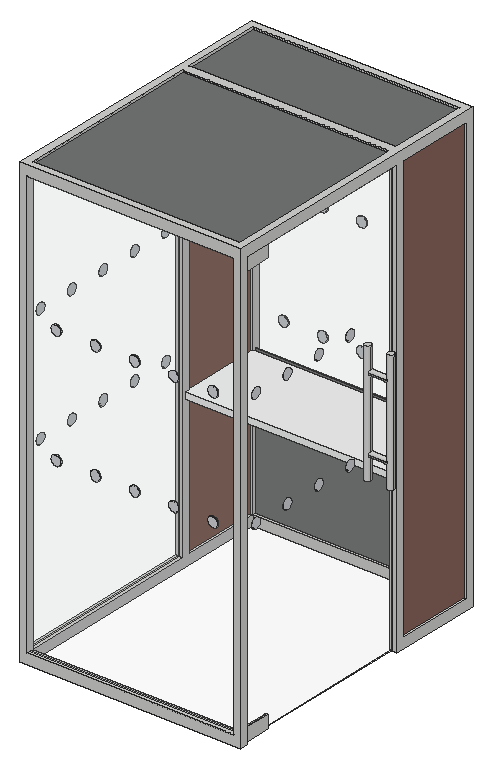
Revit family "BDG_BossDesign_Qube Solo", category Furniture, Revit 2018
Family settings
  Work Plane-Based = No
  Always vertical = Yes
  Cut with Voids When Loaded = No
  Shared = Yes
  Room Calculation Point = No
Parameters (values of type "Qube Solo")
  Version = "1"
  UpholsteredPanelMaterial [instance] = BDG_Camira_Fabric_Lucia-TortugaYB168
  URL = "www.bossdesign.com"
  Table Material [instance] = BDG_Table Top - White Laminate
  Size = "1100 x 1440 x 2225mm"
  Shape = "Rectangular"
  ProductInformation = "https://www.bossdesign.com/product-list/solo-qube/"
  Nominal Width = 1100 mm
  Nominal Height = 2225 mm
  Nominal Depth = 1440 mm
  Name = "PanelPartitions_QubeSolo_BossDesign"
  ModelReference = "Qube Solo"
  ModelNumber = "QSolo"
  Model = ModelNumber  # "QSolo"
  Material = "Glass"
  ManufacturerURL = "www.bossdesign.com"
  ManufacturerName = "Boss Design"  # constant formula
  Manufacturer = "sales@bossdesign.com"
  Keynote = ""
  Grade = "n/a"
  FrameMaterial [instance] = BDG_Generic_Metal_PowderCoat_White
  Finish = "Manifestations on Glass"
  Features = "Powder coated frame available"
  Description = ModelReference  # "Qube Solo"
  ContactTelephoneNumber = "+44 (0) 1384 455570"  # constant formula
  BIMObjectName = "BDG_BossDesign_QubeSolo"
  Author = "Arc10"  # constant formula
  Assembly Code = ""
  AcousticCeilingMaterial [instance] = BDG_Camira_Fabric_Nexus_PewterUNY01
Reference planes
  plane 1 "Back": y = -0.5
  plane 2: z = 0
  plane 3 "Center (Left/Right)": x = 0
  plane 4 "ll": z = 0
  plane 5 "a": z = 50
  plane 6: x = -550
  plane 7: x = 550
  plane 8: x = -515
  plane 9: x = 515
  plane 10: y = -1440.5
  plane 11: y = -1405.5
  plane 12: y = -35.5
  plane 13: y = -435.5
  plane 14: y = -470.5
  plane 15: z = 2225
  plane 16: z = 2175
  plane 17: y = -235.5
  plane 18: x = 535.5
  plane 19: x = 529.5
  plane 20: x = -529.5
  plane 21: x = -535.5
  plane 22: z = 2185
  plane 23: z = 2215
  plane 24: y = -1426
  plane 25: y = -1420
  plane 26: z = 785
  plane 27: z = 755
  plane 28: y = -21
  plane 29: y = -15
  plane 30 "y": z = 925
  plane 31: x = -536.5
  plane 32 "z": z = 1505
  plane 33: y = -14
  plane 34: y = -1396.5
  plane 35: y = -479.5
  plane 36 "aa": z = 9
  plane 37 "bb": z = 3
  plane 38: y = -1260.5
  plane 39 "cc": z = 68
  plane 40: x = 538.5
  plane 41: x = 526.5
  plane 42 "dd": z = 2101
  plane 43 "ee": z = 2166
  plane 44: y = -558
  plane 45: z = 1385
  plane 46: x = 590
  plane 47: x = 475
Forms (mm)
  Extrusion 1, solid, material "BDG_Generic_Metal_PowderCoat_White" <- "FrameMaterial"
    sketch origin (0, -17.75, 50) x (1, 0, 0) y (0, 1, 0)
      loop
        line (-550, -1422.75) -> (-515, -1422.75) -> (-515, -1387.75) -> (-550, -1387.75) -> (-550, -1422.75)
    from 0 to 2125
  Extrusion 2, solid, material "BDG_Generic_Metal_PowderCoat_White" <- "FrameMaterial"
    sketch origin (0, -35.5, 0) x (0, 1, 0) y (0, 0, 1)
      loop
        line (-0.5, 50) -> (-0.5, 0) -> (35, 0) -> (35, 50) -> (-0.5, 50)
    from -550 to 550
  Extrusion 3, solid, material "BDG_Generic_Metal_PowderCoat_White" <- "FrameMaterial"
    sketch origin (0, -17.75, 50) x (0, -1, 0) y (1, 0, 0)
      loop
        line (1387.75, 550) -> (1387.75, 515) -> (1422.75, 515) -> (1422.75, 550) -> (1387.75, 550)
    from -50 to 2125
  Revolve 4, solid, material "BDG_Generic_Metal_Aluminium_Polished"
    sketch origin (1129.66, -234.794, -6) x (1, 0.000654, 0) y (0, 0, 1)
      loop
        line (-1129.661, 2181) -> (-1129.661, 2164) -> (-1100.285, 2164) -> (-1099.075, 2175.224) -> (-1092.41, 2175.224) -> (-1092.41, 2176.459) -> (-1080.077, 2176.459) -> (-1080.077, 2181) -> (-1129.661, 2181)
      axis (-1129.661, 2164) -> (-1129.661, 2181)
    angle from 0 to 360
  Extrusion 5, solid, material "BDG_Generic_Metal_PowderCoat_White" <- "FrameMaterial"
    sketch origin (996, -17.75, 50) x (0, -1, 0) y (1, 0, 0)
      loop
        line (-17.25, -1546) -> (18.25, -1546) -> (18.25, -1511) -> (-17.25, -1511) -> (-17.25, -1546)
    from 0 to 2125
  Extrusion 6, solid, material "BDG_Generic_Metal_PowderCoat_White" <- "FrameMaterial"
    sketch origin (-996, -17.75, 50) x (0, -1, 0) y (1, 0, 0)
      loop
        line (-17.25, 1546) -> (-17.25, 1511) -> (18.25, 1511) -> (18.25, 1546) -> (-17.25, 1546)
    from 0 to 2125
  Extrusion 7, solid, material "BDG_Generic_Metal_PowderCoat_White" <- "FrameMaterial"
    sketch origin (0, -155.5, 0) x (0, 1, 0) y (0, 0, 1)
      loop
        line (-1285, 50) -> (-1285, 0) -> (119.5, 0) -> (119.5, 50) -> (-1285, 50)
    from -550 to -515
  Extrusion 8, solid, material "BDG_Generic_Metal_PowderCoat_White" <- "FrameMaterial"
    sketch origin (640, -155.5, 0) x (0, 1, 0) y (0, 0, 1)
      loop
        line (-315, 50) -> (-315, 0) -> (119.5, 0) -> (119.5, 50) -> (-315, 50)
    from -125 to -90
  Extrusion 9, solid, material "BDG_Generic_Metal_PowderCoat_White" <- "FrameMaterial"
    sketch origin (996, -277.75, 50) x (0, -1, 0) y (1, 0, 0)
      loop
        line (157.75, -1546) -> (192.75, -1546) -> (192.75, -1511) -> (157.75, -1511) -> (157.75, -1546)
    from 0 to 2125
  Extrusion 10, solid, material "BDG_Generic_Metal_PowderCoat_White" <- "FrameMaterial"
    sketch origin (1316, -277.75, 50) x (0, -1, 0) y (1, 0, 0)
      loop
        line (157.75, -801) -> (192.75, -801) -> (192.75, -766) -> (157.75, -766) -> (157.75, -801)
    from 0 to 2125
  Extrusion 11, solid, material "BDG_Generic_Metal_PowderCoat_White" <- "FrameMaterial"
    sketch origin (0, -715.5, 0) x (0, 1, 0) y (0, 0, 1)
      loop
        line (-725, 50) -> (-725, 0) -> (-690, 0) -> (-690, 50) -> (-725, 50)
    from -515 to 515
  Extrusion 12, solid, material "BDG_Generic_Metal_PowderCoat_White" <- "FrameMaterial"
    sketch origin (0, -715.5, 1420) x (0, 1, 0) y (0, 0, 1)
      loop
        line (-725, 805) -> (-725, 755) -> (-690, 755) -> (-690, 805) -> (-725, 805)
    from -515 to 515
  Extrusion 13, solid, material "BDG_Generic_Metal_PowderCoat_White" <- "FrameMaterial"
    sketch origin (0, -155.5, 500) x (0, 1, 0) y (0, 0, 1)
      loop
        line (-1285, 1725) -> (-1285, 1675) -> (155, 1675) -> (155, 1725) -> (-1285, 1725)
    from -550 to -515
  Extrusion 14, solid, material "BDG_Generic_Metal_PowderCoat_White" <- "FrameMaterial"
    sketch origin (1400, -155.5, 500) x (0, 1, 0) y (0, 0, 1)
      loop
        line (-1285, 1725) -> (-1285, 1675) -> (155, 1675) -> (155, 1725) -> (-1285, 1725)
    from -885 to -850
  Extrusion 15, solid, material "BDG_Generic_Metal_PowderCoat_White" <- "FrameMaterial"
    sketch origin (0, -415.5, 1420) x (0, 1, 0) y (0, 0, 1)
      loop
        line (-55, 805) -> (-55, 755) -> (-20, 755) -> (-20, 805) -> (-55, 805)
    from -515 to 515
  Extrusion 16, solid, material "BDG_Generic_Metal_PowderCoat_White" <- "FrameMaterial"
    sketch origin (0, -175.5, 1420) x (0, 1, 0) y (0, 0, 1)
      loop
        line (139.5, 805) -> (139.5, 755) -> (175, 755) -> (175, 805) -> (139.5, 805)
    from -515 to 515
  Extrusion 17, solid, material "BDG_Camira_Fabric_Lucia-TortugaYB168" <- "UpholsteredPanelMaterial"
    sketch origin (2977.425, 369.748, 50) x (0, -1, 0) y (1, 0, 0)
      loop
        line (405.748, -2447.925) -> (805.248, -2447.925) -> (805.248, -2441.925) -> (405.748, -2441.925) -> (405.748, -2447.925)
    from 0 to 2125
  Extrusion 18, solid, material "BDG_Camira_Fabric_Lucia-TortugaYB168" <- "UpholsteredPanelMaterial"
    sketch origin (2897.425, 369.748, 50) x (0, -1, 0) y (1, 0, 0)
      loop
        line (405.748, -3432.925) -> (805.248, -3432.925) -> (805.248, -3426.925) -> (405.748, -3426.925) -> (405.748, -3432.925)
    from 0 to 2125
  Extrusion 19, solid, material "BDG_Camira_Fabric_Nexus_PewterUNY01" <- "AcousticCeilingMaterial"
    sketch origin (0, -735.5, 1420) x (0, 1, 0) y (0, 0, 1)
      loop
        line (-670, 795) -> (-670, 765) -> (265, 765) -> (265, 795) -> (-670, 795)
    from -515 to 515
  Extrusion 20, solid, material "BDG_Camira_Fabric_Nexus_PewterUNY01" <- "AcousticCeilingMaterial"
    sketch origin (0, 364.5, 1420) x (0, 1, 0) y (0, 0, 1)
      loop
        line (-800, 795) -> (-800, 765) -> (-400.5, 765) -> (-400.5, 795) -> (-800, 795)
    from -515 to 515
  Extrusion 21, solid, material "BDG_Generic_Glass_Clear"
    sketch origin (2897.425, -130.252, 50) x (0, -1, 0) y (1, 0, 0)
      loop
        line (340.248, -3432.925) -> (1275.248, -3432.925) -> (1275.248, -3426.925) -> (340.248, -3426.925) -> (340.248, -3432.925)
    from 0 to 2125
  Extrusion 22, solid, material "BDG_Generic_Glass_Clear"
    sketch origin (0, 0, 2125) x (-1, 0, 0) y (0, -1, 0)
      loop
        line (515, 1420) -> (515, 1426) -> (-515, 1426) -> (-515, 1420) -> (515, 1420)
    from -2075 to 50
  Extrusion 23, solid, material "BDG_Table Top - White Laminate" <- "Table Material"
    sketch origin (0, 0, 2125) x (-1, 0, 0) y (0, -1, 0)
      loop
        line (515, 36) -> (515, 460.5) -> (-515, 460.5) -> (-515, 36) -> (515, 36)
    from -1370 to -1340
  Extrusion 24, solid, material "BDG_Generic_Glass_Clear"
    sketch origin (0, 1560, 2125) x (-1, 0, 0) y (0, -1, 0)
      loop
        line (515, 1575) -> (515, 1581) -> (-515, 1581) -> (-515, 1575) -> (515, 1575)
    from -1340 to 50
  Extrusion 25, solid, material "BDG_Camira_Fabric_Nexus_PewterUNY01" <- "AcousticCeilingMaterial"
    sketch origin (0, 1560, 1085) x (-1, 0, 0) y (0, -1, 0)
      loop
        line (515, 1575) -> (515, 1581) -> (-515, 1581) -> (-515, 1575) -> (515, 1575)
    from -1035 to -300
  Extrusion 26, solid
    sketch origin (0, 110, 950) x (0, 1, 0) y (0, 0, 1)
      loop
        circle (-1440.5, 0) r 25
    from -535.5 to -536.5
  Extrusion 27, solid
    sketch origin (0, 305, 950) x (0, 1, 0) y (0, 0, 1)
      loop
        circle (-1440.5, 0) r 25
    from -535.5 to -536.5
  Extrusion 28, solid
    sketch origin (0, 500, 950) x (0, 1, 0) y (0, 0, 1)
      loop
        circle (-1440.5, 0) r 25
    from -535.5 to -536.5
  Extrusion 29, solid
    sketch origin (0, 695, 950) x (0, 1, 0) y (0, 0, 1)
      loop
        circle (-1440.5, 0) r 25
    from -535.5 to -536.5
  Extrusion 30, solid
    sketch origin (0, 890, 950) x (0, 1, 0) y (0, 0, 1)
      loop
        circle (-1440.5, 0) r 25
    from -535.5 to -536.5
  Extrusion 31, solid
    sketch origin (0, 110, 1530) x (0, 1, 0) y (0, 0, 1)
      loop
        circle (-1440.5, 0) r 25
    from -535.5 to -536.5
  Extrusion 32, solid
    sketch origin (0, 305, 1530) x (0, 1, 0) y (0, 0, 1)
      loop
        circle (-1440.5, 0) r 25
    from -535.5 to -536.5
  Extrusion 33, solid
    sketch origin (0, 500, 1530) x (0, 1, 0) y (0, 0, 1)
      loop
        circle (-1440.5, 0) r 25
    from -535.5 to -536.5
  Extrusion 34, solid
    sketch origin (0, 695, 1530) x (0, 1, 0) y (0, 0, 1)
      loop
        circle (-1440.5, 0) r 25
    from -535.5 to -536.5
  Extrusion 35, solid
    sketch origin (0, 890, 1530) x (0, 1, 0) y (0, 0, 1)
      loop
        circle (-1440.5, 0) r 25
    from -535.5 to -536.5
  Extrusion 36, solid
    sketch origin (-1040.5, -890.5, 950) x (-1, 0, 0) y (0, 0, 1)
      loop
        circle (-1440.5, 0) r 25
    from -535.5 to -536.5
  Extrusion 37, solid
    sketch origin (-1235.5, -890.5, 950) x (-1, 0, 0) y (0, 0, 1)
      loop
        circle (-1440.5, 0) r 25
    from -535.5 to -536.5
  Extrusion 38, solid
    sketch origin (-1430.5, -890.5, 950) x (-1, 0, 0) y (0, 0, 1)
      loop
        circle (-1440.5, 0) r 25
    from -535.5 to -536.5
  Extrusion 39, solid
    sketch origin (-1625.5, -890.5, 950) x (-1, 0, 0) y (0, 0, 1)
      loop
        circle (-1440.5, 0) r 25
    from -535.5 to -536.5
  Extrusion 40, solid
    sketch origin (-1820.5, -890.5, 950) x (-1, 0, 0) y (0, 0, 1)
      loop
        circle (-1440.5, 0) r 25
    from -535.5 to -536.5
  Extrusion 41, solid
    sketch origin (-1040.5, -890.5, 1530) x (-1, 0, 0) y (0, 0, 1)
      loop
        circle (-1440.5, 0) r 25
    from -535.5 to -536.5
  Extrusion 42, solid
    sketch origin (-1235.5, -890.5, 1530) x (-1, 0, 0) y (0, 0, 1)
      loop
        circle (-1440.5, 0) r 25
    from -535.5 to -536.5
  Extrusion 43, solid
    sketch origin (-1430.5, -890.5, 1530) x (-1, 0, 0) y (0, 0, 1)
      loop
        circle (-1440.5, 0) r 25
    from -535.5 to -536.5
  Extrusion 44, solid
    sketch origin (-1625.5, -890.5, 1530) x (-1, 0, 0) y (0, 0, 1)
      loop
        circle (-1440.5, 0) r 25
    from -535.5 to -536.5
  Extrusion 45, solid
    sketch origin (-1820.5, -890.5, 1530) x (-1, 0, 0) y (0, 0, 1)
      loop
        circle (-1440.5, 0) r 25
    from -535.5 to -536.5
  Extrusion 46, solid
    sketch origin (-1040.5, 521.5, 950) x (-1, 0, 0) y (0, 0, 1)
      loop
        circle (-1440.5, 0) r 25
    from -535.5 to -536.5
  Extrusion 47, solid
    sketch origin (-1235.5, 521.5, 950) x (-1, 0, 0) y (0, 0, 1)
      loop
        circle (-1440.5, 0) r 25
    from -535.5 to -536.5
  Extrusion 48, solid
    sketch origin (-1430.5, 521.5, 950) x (-1, 0, 0) y (0, 0, 1)
      loop
        circle (-1440.5, 0) r 25
    from -535.5 to -536.5
  Extrusion 49, solid
    sketch origin (-1625.5, 521.5, 950) x (-1, 0, 0) y (0, 0, 1)
      loop
        circle (-1440.5, 0) r 25
    from -535.5 to -536.5
  Extrusion 50, solid
    sketch origin (-1820.5, 521.5, 950) x (-1, 0, 0) y (0, 0, 1)
      loop
        circle (-1440.5, 0) r 25
    from -535.5 to -536.5
  Extrusion 51, solid
    sketch origin (-1040.5, 521.5, 1530) x (-1, 0, 0) y (0, 0, 1)
      loop
        circle (-1440.5, 0) r 25
    from -535.5 to -536.5
  Extrusion 52, solid
    sketch origin (-1235.5, 521.5, 1530) x (-1, 0, 0) y (0, 0, 1)
      loop
        circle (-1440.5, 0) r 25
    from -535.5 to -536.5
  Extrusion 53, solid
    sketch origin (-1430.5, 521.5, 1530) x (-1, 0, 0) y (0, 0, 1)
      loop
        circle (-1440.5, 0) r 25
    from -535.5 to -536.5
  Extrusion 54, solid
    sketch origin (-1625.5, 521.5, 1530) x (-1, 0, 0) y (0, 0, 1)
      loop
        circle (-1440.5, 0) r 25
    from -535.5 to -536.5
  Extrusion 55, solid
    sketch origin (-1820.5, 521.5, 1530) x (-1, 0, 0) y (0, 0, 1)
      loop
        circle (-1440.5, 0) r 25
    from -535.5 to -536.5
  Extrusion 56, solid, material "BDG_Generic_Glass_Clear"
    sketch origin (3577.425, -130.252, 50) x (0, -1, 0) y (1, 0, 0)
      loop
        line (349.248, -3047.925) -> (1266.248, -3047.925) -> (1266.248, -3041.925) -> (349.248, -3041.925) -> (349.248, -3047.925)
    from -41 to 2116
  Extrusion 57, solid, material "BDG_Generic_Metal_PowderCoat_White" <- "FrameMaterial"
    sketch origin (0, 0, 0) x (0, 1, 0) y (0, 0, 1)
      loop
        line (-1396.5, 3) -> (-1260.5, 3) -> (-1260.5, 68) -> (-1396.5, 68) -> (-1396.5, 3)
    from 538.5 to 535.5
  Extrusion 58, solid, material "BDG_Generic_Metal_PowderCoat_White" <- "FrameMaterial"
    sketch origin (-415, 0, 0) x (0, 1, 0) y (0, 0, 1)
      loop
        line (-1396.5, 3) -> (-1260.5, 3) -> (-1260.5, 68) -> (-1396.5, 68) -> (-1396.5, 3)
    from 944.5 to 941.5
  Extrusion 59, solid, material "BDG_Generic_Metal_PowderCoat_White" <- "FrameMaterial"
    sketch origin (0, 0, 1820) x (0, 1, 0) y (0, 0, 1)
      loop
        line (-1405.5, 281) -> (-1260.5, 281) -> (-1260.5, 346) -> (-1405.5, 346) -> (-1405.5, 281)
    from 538.5 to 535.5
  Extrusion 60, solid, material "BDG_Generic_Metal_PowderCoat_White" <- "FrameMaterial"
    sketch origin (-9, 0, 1820) x (0, 1, 0) y (0, 0, 1)
      loop
        line (-1405.5, 281) -> (-1260.5, 281) -> (-1260.5, 346) -> (-1405.5, 346) -> (-1405.5, 281)
    from 538.5 to 535.5
  Extrusion 61, solid
    sketch origin (1072, 110, 950) x (0, 1, 0) y (0, 0, 1)
      loop
        circle (-1440.5, 0) r 25
    from -535.5 to -536.5
  Extrusion 62, solid
    sketch origin (1072, 305, 950) x (0, 1, 0) y (0, 0, 1)
      loop
        circle (-1440.5, 0) r 25
    from -535.5 to -536.5
  Extrusion 63, solid
    sketch origin (1072, 500, 950) x (0, 1, 0) y (0, 0, 1)
      loop
        circle (-1440.5, 0) r 25
    from -535.5 to -536.5
  Extrusion 64, solid
    sketch origin (1072, 695, 950) x (0, 1, 0) y (0, 0, 1)
      loop
        circle (-1440.5, 0) r 25
    from -535.5 to -536.5
  Extrusion 65, solid
    sketch origin (1072, 110, 1530) x (0, 1, 0) y (0, 0, 1)
      loop
        circle (-1440.5, 0) r 25
    from -535.5 to -536.5
  Extrusion 66, solid
    sketch origin (1072, 305, 1530) x (0, 1, 0) y (0, 0, 1)
      loop
        circle (-1440.5, 0) r 25
    from -535.5 to -536.5
  Extrusion 67, solid
    sketch origin (1072, 500, 1530) x (0, 1, 0) y (0, 0, 1)
      loop
        circle (-1440.5, 0) r 25
    from -535.5 to -536.5
  Extrusion 68, solid
    sketch origin (1072, 695, 1530) x (0, 1, 0) y (0, 0, 1)
      loop
        circle (-1440.5, 0) r 25
    from -535.5 to -536.5
  Extrusion 69, solid, material "BDG_Generic_Metal_PowderCoat_White" <- "FrameMaterial"
    sketch origin (-243.235, -1657.986, 0) x (-1, 0, 0) y (0, 0, 1)
      loop
        line (-789.602, 2175) -> (-789.602, 2172) -> (-767.602, 2172) -> (-767.602, 2150) -> (-764.602, 2150) -> (-764.602, 2175) -> (-789.602, 2175)
    from 1178.486 to 314.674
  Extrusion 70, solid, material "BDG_Generic_Metal_PowderCoat_White" <- "FrameMaterial"
    sketch origin (54.5, 31.465, 2125) x (-1, 0, 0) y (0, -1, 0)
      loop
        circle (-535.5, 589.465) r 15
    from -740 to -1340
  Extrusion 71, solid, material "BDG_Generic_Metal_PowderCoat_White" <- "FrameMaterial"
    sketch origin (-60.5, 31.465, 2125) x (-1, 0, 0) y (0, -1, 0)
      loop
        circle (-535.5, 589.465) r 15
    from -740 to -1340
  Extrusion 72, solid, material "BDG_Generic_Metal_PowderCoat_White" <- "FrameMaterial"
    sketch origin (0, 0, 0) x (0, 1, 0) y (0, 0, 1)
      loop
        circle (-558, 902.5) r 12.5
      loop
        circle (-558, 1267.5) r 12.5
    from 590 to 475
Cuts and joins
  joined: Extrusion 1, Extrusion 2, Extrusion 3, Extrusion 5, Extrusion 6, Extrusion 7, Extrusion 8, Extrusion 9, Extrusion 10, Extrusion 11, Extrusion 12, Extrusion 13, Extrusion 14, Extrusion 15, Extrusion 16
  joined: Extrusion 70, Extrusion 71, Extrusion 72
Dimensions and locks
  "Nominal Height": plane 15 to level
  level to plane 5 "a" = 50 mm
  plane 10 to Extrusion 59 = 180 mm
  plane 10 to Extrusion 56 = 961 mm
  "Nominal Width": plane 6 to plane 7
  "Nominal Depth": plane 10 to plane 1 "Back"
  aligned and locked: level to plane 2
  aligned and locked: Extrusion 5 to plane 6
  aligned and locked: plane 8 to Extrusion 5
  aligned and locked: Extrusion 2 to Extrusion 5
  aligned and locked: Extrusion 2 to plane 7
  aligned and locked: Extrusion 6 to Extrusion 2
  aligned and locked: Extrusion 6 to plane 9
  aligned and locked: Extrusion 7 to Extrusion 5
  aligned and locked: Extrusion 7 to Extrusion 2
  aligned and locked: Extrusion 7 to plane 10
  aligned and locked: Extrusion 1 to plane 6
  aligned and locked: plane 11 to Extrusion 1
  aligned and locked: plane 8 to Extrusion 1
  aligned and locked: Extrusion 1 to plane 10
  aligned and locked: Extrusion 8 to Extrusion 2
  aligned and locked: Extrusion 6 to Extrusion 8
  aligned and locked: Extrusion 1 to Extrusion 3
  aligned and locked: Extrusion 6 to Extrusion 3
  aligned and locked: Extrusion 3 to Extrusion 1  (x2)
  aligned and locked: Extrusion 3 to Extrusion 2
  aligned and locked: Extrusion 9 to plane 14
  aligned and locked: plane 13 to Extrusion 9
  aligned and locked: Extrusion 10 to Extrusion 2
  aligned and locked: Extrusion 6 to Extrusion 10
  aligned and locked: Extrusion 1 to Extrusion 11
  aligned and locked: Extrusion 11 to Extrusion 1
  aligned and locked: Extrusion 12 to plane 16
  aligned and locked: plane 15 to Extrusion 12
  aligned and locked: Extrusion 1 to Extrusion 12
  aligned and locked: Extrusion 10 to Extrusion 1
  aligned and locked: Extrusion 9 to Extrusion 1
  aligned and locked: Extrusion 8 to Extrusion 9
  aligned and locked: Extrusion 5 to Extrusion 1
  aligned and locked: Extrusion 1 to Extrusion 6
  aligned and locked: plane 15 to Extrusion 13
  aligned and locked: Extrusion 13 to Extrusion 1
  aligned and locked: Extrusion 13 to plane 1 "Back"
  aligned and locked: Extrusion 12 to Extrusion 1
  aligned and locked: Extrusion 14 to Extrusion 2
  aligned and locked: Extrusion 12 to Extrusion 3
  aligned and locked: Extrusion 16 to plane 1 "Back"
  aligned and locked: Extrusion 2 to Extrusion 16
  aligned and locked: plane 13 to Extrusion 15
  aligned and locked: Extrusion 15 to plane 14
  aligned and locked: plane 19 to Extrusion 17
  aligned and locked: Extrusion 17 to plane 18
  aligned and locked: Extrusion 17 to plane 13
  aligned and locked: Extrusion 17 to Extrusion 2
  aligned and locked: plane 21 to Extrusion 18
  aligned and locked: Extrusion 18 to plane 20
  aligned and locked: Extrusion 19 to plane 22
  aligned and locked: plane 14 to Extrusion 19
  aligned and locked: Extrusion 1 to Extrusion 19
  aligned and locked: Extrusion 20 to plane 13
  aligned and locked: Extrusion 20 to Extrusion 5
  aligned and locked: Extrusion 21 to Extrusion 1
  aligned and locked: plane 14 to Extrusion 21
  aligned and locked: Extrusion 11 to Extrusion 3
  aligned and locked: Extrusion 22 to Extrusion 3
  aligned and locked: Extrusion 22 to Extrusion 1
  aligned and locked: Extrusion 22 to Extrusion 2
  aligned and locked: Extrusion 1 to Extrusion 22
  aligned and locked: Extrusion 23 to plane 27
  aligned and locked: plane 26 to Extrusion 23
  aligned and locked: Extrusion 24 to plane 28
  aligned and locked: plane 29 to Extrusion 24
  aligned and locked: plane 31 to Extrusion 26
  aligned and locked: Extrusion 26 to plane 21
  aligned and locked: plane 31 to Extrusion 27
  aligned and locked: Extrusion 27 to plane 21
  aligned and locked: plane 31 to Extrusion 28
  aligned and locked: Extrusion 28 to plane 21
  aligned and locked: plane 31 to Extrusion 29
  aligned and locked: Extrusion 29 to plane 21
  aligned and locked: plane 31 to Extrusion 30
  aligned and locked: Extrusion 30 to plane 21
  aligned and locked: plane 35 to Extrusion 56
  aligned and locked: Extrusion 56 to plane 34
  aligned and locked: Extrusion 56 to plane 18
  aligned and locked: plane 19 to Extrusion 56
  aligned and locked: plane 36 "aa" to Extrusion 56
  aligned and locked: Extrusion 57 to plane 40
  aligned and locked: plane 18 to Extrusion 57
  aligned and locked: Extrusion 58 to plane 19
  aligned and locked: plane 41 to Extrusion 58
  aligned and locked: Extrusion 59 to plane 43 "ee"
  aligned and locked: plane 42 "dd" to Extrusion 59
  aligned and locked: Extrusion 56 to Extrusion 57
  aligned and locked: Extrusion 58 to Extrusion 56
  aligned and locked: Extrusion 70 to Extrusion 23
  aligned and locked: plane 45 to Extrusion 70
  aligned and locked: Extrusion 71 to Extrusion 23
  aligned and locked: Extrusion 71 to Extrusion 70
Automatic sketch dimensions
  Extrusion 1 sketch curve to plane 6 = 0 mm
  Extrusion 1 sketch curve to plane 8 = 0 mm
  Extrusion 1 sketch curve to plane 10 = 0 mm
  Extrusion 1 sketch curve to plane 11 = 0 mm
  Extrusion 2 sketch curve to level = 0 mm
  plane 5 "a" to Extrusion 2 sketch curve = 0 mm
  Extrusion 2 sketch curve to plane 1 "Back" = 0 mm
  Extrusion 2 sketch curve to plane 12 = 0.5 mm
  Extrusion 3 sketch curve to plane 9 = 0 mm
  Extrusion 3 sketch curve to plane 11 = 0 mm
  Extrusion 3 sketch curve to plane 7 = 0 mm
  Extrusion 3 sketch curve to plane 10 = 0 mm
  Revolve 4 sketch curve to plane 16 = 0 mm
  plane 43 "ee" to Revolve 4 sketch curve = 8 mm
  Revolve 4 sketch curve to Revolve 4 sketch curve = 29.375 mm
  Revolve 4 sketch curve to plane 43 "ee" = 3.224 mm
  Revolve 4 sketch curve to Revolve 4 sketch curve = 1.21 mm
  Revolve 4 sketch curve to Revolve 4 sketch curve = 6.665 mm
  Revolve 4 sketch curve to Revolve 4 sketch curve = 12.334 mm
  Revolve 4 sketch curve to Revolve 4 sketch curve = 1.235 mm
  Revolve 4 sketch curve to Revolve 4 sketch curve = 0 mm
  Revolve 4 sketch curve to Revolve 4 sketch curve = 0.459 mm
  Revolve 4 sketch curve to plane 23 = 14.541 mm
  plane 1 "Back" to Extrusion 5 sketch curve = 0 mm
  Extrusion 5 sketch curve to plane 6 = 0 mm
  Extrusion 5 sketch curve to plane 8 = 0 mm
  Extrusion 5 sketch curve to plane 12 = 0.5 mm
  plane 1 "Back" to Extrusion 6 sketch curve = 0 mm
  Extrusion 6 sketch curve to plane 7 = 0 mm
  Extrusion 6 sketch curve to plane 9 = 0 mm
  plane 12 to Extrusion 6 sketch curve = 0.5 mm
  Extrusion 7 sketch curve to level = 0 mm
  Extrusion 7 sketch curve to plane 10 = 0 mm
  plane 5 "a" to Extrusion 7 sketch curve = 0 mm
  Extrusion 7 sketch curve to plane 12 = 0.5 mm
  Extrusion 8 sketch curve to level = 0 mm
  Extrusion 8 sketch curve to plane 14 = 0 mm
  plane 5 "a" to Extrusion 8 sketch curve = 0 mm
  Extrusion 8 sketch curve to plane 12 = 0.5 mm
  Extrusion 9 sketch curve to plane 8 = 0 mm
  Extrusion 9 sketch curve to plane 13 = 0 mm
  Extrusion 9 sketch curve to plane 6 = 0 mm
  Extrusion 9 sketch curve to plane 14 = 0 mm
  Extrusion 10 sketch curve to plane 7 = 0 mm
  Extrusion 10 sketch curve to plane 13 = 0 mm
  Extrusion 10 sketch curve to plane 9 = 0 mm
  Extrusion 10 sketch curve to plane 14 = 0 mm
  Extrusion 11 sketch curve to level = 0 mm
  Extrusion 11 sketch curve to plane 10 = 0 mm
  Extrusion 11 sketch curve to plane 11 = 0 mm
  plane 5 "a" to Extrusion 11 sketch curve = 0 mm
  Extrusion 12 sketch curve to plane 10 = 0 mm
  Extrusion 12 sketch curve to plane 11 = 0 mm
  Extrusion 12 sketch curve to plane 16 = 0 mm
  Extrusion 12 sketch curve to plane 15 = 0 mm
  Extrusion 13 sketch curve to plane 10 = 0 mm
  Extrusion 13 sketch curve to plane 1 "Back" = 0 mm
  Extrusion 13 sketch curve to plane 16 = 0 mm
  Extrusion 13 sketch curve to plane 15 = 0 mm
  Extrusion 14 sketch curve to plane 10 = 0 mm
  Extrusion 14 sketch curve to plane 1 "Back" = 0 mm
  Extrusion 14 sketch curve to plane 16 = 0 mm
  Extrusion 14 sketch curve to plane 15 = 0 mm
  Extrusion 15 sketch curve to plane 14 = 0 mm
  Extrusion 15 sketch curve to plane 13 = 0 mm
  Extrusion 15 sketch curve to plane 16 = 0 mm
  Extrusion 15 sketch curve to plane 15 = 0 mm
  Extrusion 16 sketch curve to plane 16 = 0 mm
  Extrusion 16 sketch curve to plane 15 = 0 mm
  Extrusion 16 sketch curve to plane 1 "Back" = 0 mm
  Extrusion 16 sketch curve to plane 12 = 0.5 mm
  Extrusion 17 sketch curve to plane 18 = 0 mm
  Extrusion 17 sketch curve to plane 19 = 0 mm
  Extrusion 17 sketch curve to plane 13 = 0 mm
  Extrusion 17 sketch curve to plane 12 = 0.5 mm
  Extrusion 18 sketch curve to plane 20 = 0 mm
  Extrusion 18 sketch curve to plane 21 = 0 mm
  Extrusion 18 sketch curve to plane 13 = 0 mm
  Extrusion 18 sketch curve to plane 12 = 0.5 mm
  Extrusion 19 sketch curve to plane 11 = 0 mm
  Extrusion 19 sketch curve to plane 14 = 0 mm
  Extrusion 19 sketch curve to plane 22 = 0 mm
  Extrusion 19 sketch curve to plane 23 = 0 mm
  Extrusion 20 sketch curve to plane 13 = 0 mm
  Extrusion 20 sketch curve to plane 22 = 0 mm
  Extrusion 20 sketch curve to plane 23 = 0 mm
  Extrusion 20 sketch curve to plane 12 = 0.5 mm
  Extrusion 21 sketch curve to plane 14 = 0 mm
  Extrusion 21 sketch curve to plane 11 = 0 mm
  Extrusion 21 sketch curve to plane 21 = 0 mm
  Extrusion 21 sketch curve to plane 20 = 0 mm
  Extrusion 22 sketch curve to plane 9 = 0 mm
  Extrusion 22 sketch curve to plane 8 = 0 mm
  Extrusion 22 sketch curve to plane 25 = 0 mm
  Extrusion 22 sketch curve to plane 24 = 0 mm
  Extrusion 23 sketch curve to plane 9 = 0 mm
  Extrusion 23 sketch curve to plane 8 = 0 mm
  Extrusion 23 sketch curve to plane 12 = 0.5 mm
  plane 14 to Extrusion 23 sketch curve = 10 mm
  Extrusion 24 sketch curve to plane 9 = 0 mm
  Extrusion 24 sketch curve to plane 8 = 0 mm
  Extrusion 24 sketch curve to plane 29 = 0 mm
  Extrusion 24 sketch curve to plane 28 = 0 mm
  Extrusion 25 sketch curve to plane 9 = 0 mm
  Extrusion 25 sketch curve to plane 8 = 0 mm
  Extrusion 25 sketch curve to plane 29 = 0 mm
  Extrusion 25 sketch curve to plane 28 = 0 mm
  Extrusion 26 sketch curve to plane 30 "y" = 25 mm
  plane 34 to Extrusion 26 sketch curve = 66 mm
  Extrusion 27 sketch curve to plane 30 "y" = 25 mm
  plane 38 to Extrusion 27 sketch curve = 125 mm
  Extrusion 28 sketch curve to plane 30 "y" = 25 mm
  plane 38 to Extrusion 28 sketch curve = 320 mm
  Extrusion 29 sketch curve to plane 30 "y" = 25 mm
  Extrusion 29 sketch curve to plane 44 = 187.5 mm
  plane 44 to Extrusion 30 sketch curve = 7.5 mm
  Extrusion 30 sketch curve to plane 30 "y" = 25 mm
  Extrusion 31 sketch curve to plane 32 "z" = 25 mm
  plane 34 to Extrusion 31 sketch curve = 66 mm
  Extrusion 32 sketch curve to plane 32 "z" = 25 mm
  plane 38 to Extrusion 32 sketch curve = 125 mm
  Extrusion 33 sketch curve to plane 32 "z" = 25 mm
  plane 38 to Extrusion 33 sketch curve = 320 mm
  Extrusion 34 sketch curve to plane 32 "z" = 25 mm
  Extrusion 34 sketch curve to plane 44 = 187.5 mm
  plane 44 to Extrusion 35 sketch curve = 7.5 mm
  Extrusion 35 sketch curve to plane 32 "z" = 25 mm
  Extrusion 36 sketch curve to plane 30 "y" = 25 mm
  plane 47 to Extrusion 36 sketch curve = 75 mm
  Extrusion 37 sketch curve to plane 30 "y" = 25 mm
  plane 3 "Center (Left/Right)" to Extrusion 37 sketch curve = 205 mm
  plane 3 "Center (Left/Right)" to Extrusion 38 sketch curve = 10 mm
  Extrusion 38 sketch curve to plane 30 "y" = 25 mm
  Extrusion 39 sketch curve to plane 30 "y" = 25 mm
  Extrusion 39 sketch curve to plane 3 "Center (Left/Right)" = 185 mm
  Extrusion 40 sketch curve to plane 30 "y" = 25 mm
  plane 8 to Extrusion 40 sketch curve = 135 mm
  Extrusion 41 sketch curve to plane 32 "z" = 25 mm
  plane 47 to Extrusion 41 sketch curve = 75 mm
  Extrusion 42 sketch curve to plane 32 "z" = 25 mm
  plane 3 "Center (Left/Right)" to Extrusion 42 sketch curve = 205 mm
  plane 3 "Center (Left/Right)" to Extrusion 43 sketch curve = 10 mm
  Extrusion 43 sketch curve to plane 32 "z" = 25 mm
  Extrusion 44 sketch curve to plane 32 "z" = 25 mm
  Extrusion 44 sketch curve to plane 3 "Center (Left/Right)" = 185 mm
  Extrusion 45 sketch curve to plane 32 "z" = 25 mm
  plane 8 to Extrusion 45 sketch curve = 135 mm
  Extrusion 46 sketch curve to plane 30 "y" = 25 mm
  plane 47 to Extrusion 46 sketch curve = 75 mm
  Extrusion 47 sketch curve to plane 30 "y" = 25 mm
  plane 3 "Center (Left/Right)" to Extrusion 47 sketch curve = 205 mm
  plane 3 "Center (Left/Right)" to Extrusion 48 sketch curve = 10 mm
  Extrusion 48 sketch curve to plane 30 "y" = 25 mm
  Extrusion 49 sketch curve to plane 30 "y" = 25 mm
  Extrusion 49 sketch curve to plane 3 "Center (Left/Right)" = 185 mm
  Extrusion 50 sketch curve to plane 30 "y" = 25 mm
  plane 8 to Extrusion 50 sketch curve = 135 mm
  Extrusion 51 sketch curve to plane 32 "z" = 25 mm
  plane 47 to Extrusion 51 sketch curve = 75 mm
  Extrusion 52 sketch curve to plane 32 "z" = 25 mm
  plane 3 "Center (Left/Right)" to Extrusion 52 sketch curve = 205 mm
  plane 3 "Center (Left/Right)" to Extrusion 53 sketch curve = 10 mm
  Extrusion 53 sketch curve to plane 32 "z" = 25 mm
  Extrusion 54 sketch curve to plane 32 "z" = 25 mm
  Extrusion 54 sketch curve to plane 3 "Center (Left/Right)" = 185 mm
  Extrusion 55 sketch curve to plane 32 "z" = 25 mm
  plane 8 to Extrusion 55 sketch curve = 135 mm
  Extrusion 56 sketch curve to plane 18 = 0 mm
  Extrusion 56 sketch curve to plane 35 = 0 mm
  Extrusion 56 sketch curve to plane 19 = 0 mm
  Extrusion 56 sketch curve to plane 34 = 0 mm
  Extrusion 57 sketch curve to plane 34 = 0 mm
  Extrusion 57 sketch curve to plane 38 = 0 mm
  plane 37 "bb" to Extrusion 57 sketch curve = 0 mm
  plane 39 "cc" to Extrusion 57 sketch curve = 0 mm
  Extrusion 58 sketch curve to plane 34 = 0 mm
  Extrusion 58 sketch curve to plane 38 = 0 mm
  plane 37 "bb" to Extrusion 58 sketch curve = 0 mm
  plane 39 "cc" to Extrusion 58 sketch curve = 0 mm
  Extrusion 59 sketch curve to plane 11 = 0 mm
  Extrusion 59 sketch curve to plane 38 = 0 mm
  plane 42 "dd" to Extrusion 59 sketch curve = 0 mm
  plane 43 "ee" to Extrusion 59 sketch curve = 0 mm
  Extrusion 60 sketch curve to plane 11 = 0 mm
  Extrusion 60 sketch curve to plane 38 = 0 mm
  plane 42 "dd" to Extrusion 60 sketch curve = 0 mm
  plane 43 "ee" to Extrusion 60 sketch curve = 0 mm
  Extrusion 61 sketch curve to plane 30 "y" = 25 mm
  plane 34 to Extrusion 61 sketch curve = 66 mm
  Extrusion 62 sketch curve to plane 30 "y" = 25 mm
  plane 38 to Extrusion 62 sketch curve = 125 mm
  Extrusion 63 sketch curve to plane 30 "y" = 25 mm
  plane 38 to Extrusion 63 sketch curve = 320 mm
  Extrusion 64 sketch curve to plane 30 "y" = 25 mm
  Extrusion 64 sketch curve to plane 44 = 187.5 mm
  Extrusion 65 sketch curve to plane 32 "z" = 25 mm
  plane 34 to Extrusion 65 sketch curve = 66 mm
  Extrusion 66 sketch curve to plane 32 "z" = 25 mm
  plane 38 to Extrusion 66 sketch curve = 125 mm
  Extrusion 67 sketch curve to plane 32 "z" = 25 mm
  plane 38 to Extrusion 67 sketch curve = 320 mm
  Extrusion 68 sketch curve to plane 32 "z" = 25 mm
  Extrusion 68 sketch curve to plane 44 = 187.5 mm
  Extrusion 69 sketch curve to plane 16 = 0 mm
  plane 7 to Extrusion 69 sketch curve = 3.633 mm
  plane 41 to Extrusion 69 sketch curve = 2.133 mm
  Extrusion 69 sketch curve to Extrusion 69 sketch curve = 3 mm  (x2)
  plane 43 "ee" to Extrusion 69 sketch curve = 16 mm
  Extrusion 70 sketch curve to plane 44 = 0 mm
  Extrusion 70 sketch curve to plane 46 = 0 mm
  Extrusion 71 sketch curve to plane 44 = 0 mm
  Extrusion 71 sketch curve to plane 47 = 0 mm
  Extrusion 72 sketch curve to plane 44 = 0 mm  (x2)
  plane 30 "y" to Extrusion 72 sketch curve = 22.5 mm
  Extrusion 72 sketch curve to plane 45 = 117.5 mm
  radius of Extrusion 26 sketch curve = 25 mm
  radius of Extrusion 27 sketch curve = 25 mm
  radius of Extrusion 28 sketch curve = 25 mm
  radius of Extrusion 29 sketch curve = 25 mm
  radius of Extrusion 30 sketch curve = 25 mm
  radius of Extrusion 31 sketch curve = 25 mm
  radius of Extrusion 32 sketch curve = 25 mm
  radius of Extrusion 33 sketch curve = 25 mm
  radius of Extrusion 34 sketch curve = 25 mm
  radius of Extrusion 35 sketch curve = 25 mm
  radius of Extrusion 36 sketch curve = 25 mm
  radius of Extrusion 37 sketch curve = 25 mm
  radius of Extrusion 38 sketch curve = 25 mm
  radius of Extrusion 39 sketch curve = 25 mm
  radius of Extrusion 40 sketch curve = 25 mm
  radius of Extrusion 41 sketch curve = 25 mm
  radius of Extrusion 42 sketch curve = 25 mm
  radius of Extrusion 43 sketch curve = 25 mm
  radius of Extrusion 44 sketch curve = 25 mm
  radius of Extrusion 45 sketch curve = 25 mm
  radius of Extrusion 46 sketch curve = 25 mm
  radius of Extrusion 47 sketch curve = 25 mm
  radius of Extrusion 48 sketch curve = 25 mm
  radius of Extrusion 49 sketch curve = 25 mm
  radius of Extrusion 50 sketch curve = 25 mm
  radius of Extrusion 51 sketch curve = 25 mm
  radius of Extrusion 52 sketch curve = 25 mm
  radius of Extrusion 53 sketch curve = 25 mm
  radius of Extrusion 54 sketch curve = 25 mm
  radius of Extrusion 55 sketch curve = 25 mm
  radius of Extrusion 61 sketch curve = 25 mm
  radius of Extrusion 62 sketch curve = 25 mm
  radius of Extrusion 63 sketch curve = 25 mm
  radius of Extrusion 64 sketch curve = 25 mm
  radius of Extrusion 65 sketch curve = 25 mm
  radius of Extrusion 66 sketch curve = 25 mm
  radius of Extrusion 67 sketch curve = 25 mm
  radius of Extrusion 68 sketch curve = 25 mm
  radius of Extrusion 70 sketch curve = 15 mm
  radius of Extrusion 71 sketch curve = 15 mm
  radius of Extrusion 72 sketch curve = 12.5 mm  (x2)
